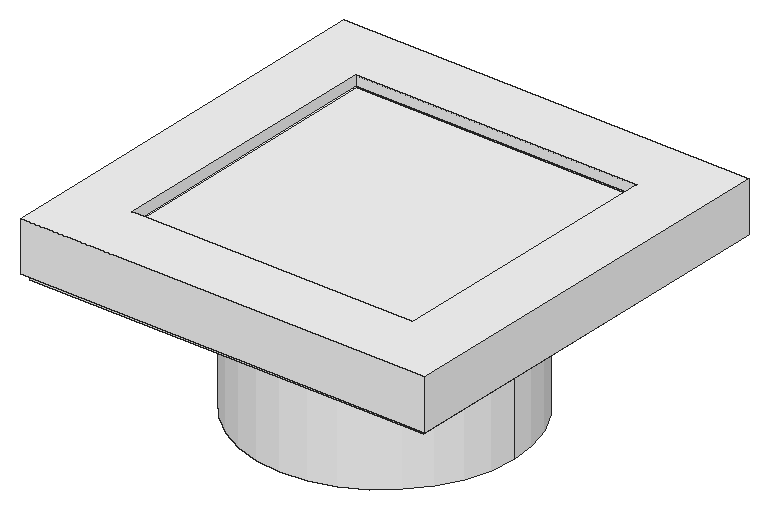
Revit family "Gira_012528", category Electrical Fixtures, host Face, Revit 2017
Family settings
  Host = Face
  Maintain Annotation Orientation = Yes
  Round Connector Dimension = Use Diameter
  Part Type = Normal
  Cut with Voids When Loaded = No
  Shared = No
  Room Calculation Point = No
Parameters (values of type "PB sw. series sw. System 55 anthra.")
  With mounting plate = "No"
  Wiring system = "Series switch"
  White [instance] = White
  Washing machine switch = "No"
  URL = "http://katalog.gira.de/en/datenblatt.html?artikelnr=012528"
  Type of fastening = "Mounting with claw and screw"
  Surface protection = "Other"
  Suitable for degree of protection (IP) = "IP20"
  Rated current = "10"
  Push button switch = "Yes"
  Number of rockers = "2"
  Number of modules (module system) = "1"
  Nominal voltage = "250"
  Name = "PB sw. series sw. System 55 anthra."
  Mounting method = "Flush mounted (plaster)"
  Model = ""
  Method of operation = "Rocker/button"
  Material quality = "Thermoplastic"
  Material = "Plastic"
  Manufacturer URL = "https://www.gira.de/"
  Manufacturer = "Gira"
  Label space/information surface = "No"
  Illumination = "No"
  HeinzeBIM = "https://bimportal.heinze.de/bim/pb-sw-series-sw-system-55-anthra-/961e1e165e96f5ad4a8da619069860feac95c5b9"
  Halogen free = "Yes"
  HAN = "012528"
  GTIN = "4010337125280"
  Feedback-signal contact = "No"
  Description = "PB sw.series Sys55 AN,Pushbutton switch, 10 AX 250 V~ with rocker, 2-gang,Series switch,anthracite,"
  Default Elevation = 1219.2 mm
  Data sheet (1) = "https://katalog.gira.de/en/download.html?artikelnr=012528"
  Connection type = "Plug clamp"
  Colour = "Anthracite"
  Category = "Switch"
  BIM (1) = "https://media.stage.bim.site/public/gira/36a6b08/Sys55_Komplettgerät_Schalten und Tasten.rfa?public/gira/36a6b08/Sys55_Komplettgerät_Schalten und Tasten.rfa"
  Available = "No"
  Assembly arrangement = "Basic element with central cover plate"
Reference planes
  plane 1 "Center (Front/Back)": y = 0
  plane 2: z = 0
  plane 3 "Center (Left/Right)": x = 0
Forms (mm)
  Extrusion 1, solid, material "White" <- "White", detail levels medium
    sketch origin (0, 0, 0) x (1, 0, 0) y (0, 1, 0)
      loop
        line (-40.4, 40.4) -> (-40.4, -40.4) -> (40.4, -40.4) -> (40.4, 40.4) -> (-40.4, 40.4)
      loop
        line (-28, 28) -> (-28, -28) -> (28, -28) -> (28, 28) -> (-28, 28)
    from 0 to 10
  Extrusion 2, solid, material "White" <- "White", detail levels fine
    sketch origin (0, 0, 0) x (1, 0, 0) y (0, 1, 0)
      loop
        line (-40.4, 40.4) -> (-40.4, -40.4) -> (40.4, -40.4) -> (40.4, 40.4) -> (-40.4, 40.4)
      loop
        line (-28, 28) -> (-28, -28) -> (28, -28) -> (28, 28) -> (-28, 28)
    from 0 to 10
  Extrusion 3, void
    sketch origin (0, 0, 0) x (1, 0, 0) y (0, 1, 0)
      loop
        line (-38.4, 38.4) -> (-38.4, -38.4) -> (38.4, -38.4) -> (38.4, 38.4) -> (-38.4, 38.4)
    from 0 to 8
  Extrusion 4, solid, material "White" <- "White", detail levels medium+fine
    sketch origin (0, 0, 0) x (1, 0, 0) y (0, 1, 0)
      loop
        line (-39.4, 39.4) -> (-39.4, -39.4) -> (39.4, -39.4) -> (39.4, 39.4) -> (-39.4, 39.4)
    from 0 to -1
  Extrusion 5, solid, material "White" <- "White", detail levels medium+fine
    sketch origin (0, 0, 0) x (1, 0, 0) y (0, 1, 0)
      loop
        line (-35.5, 35.5) -> (-35.5, -35.5) -> (35.5, -35.5) -> (35.5, 35.5) -> (-35.5, 35.5)
    from -2 to -3
  Extrusion 6, solid, material "White" <- "White", detail levels medium+fine
    sketch origin (0, 0, 0) x (1, 0, 0) y (0, 1, 0)
      loop
        circle (0, 0) r 26
    from 0 to -27.5
  Extrusion 7, solid, material "White" <- "White", detail levels coarse
    sketch origin (0, 0, 0) x (1, 0, 0) y (0, 1, 0)
      loop
        line (-40.4, 40.4) -> (-40.4, -40.4) -> (40.4, -40.4) -> (40.4, 40.4) -> (-40.4, 40.4)
    from -27.5 to 10
Cuts and joins
  Extrusion 3 cuts Extrusion 2
Dimensions and locks
  aligned and locked: plane 2 to host face
  aligned and locked: level to host face
  aligned and locked: plane 3 "Center (Left/Right)" to nested 2
  aligned and locked: plane 1 "Center (Front/Back)" to nested 2
Nested families
  nested 1: "Sys55_Abdeckung_Schalten und Tasten_floor_base" at (0, 0, 0), type "Sys55_Abdeckung_Schalten und Tasten_floor_base"
  nested 2: "Schalter" at (0, 0, 0), type "Schalter"
Connectors
  electrical at (0, 0, -27.5)
    settings: on Extrusion 6, index 1, voltage 220 V, apparent load 0 VA, apparent load phase1 0 VA, apparent load phase2 0 VA, apparent load phase3 0 VA, power factor 1, load classification "Other", number of poles 1, system type 30, power factor state 1, is connector primary yes, connector utility no, sub classification motor no, connector description ""
Definition of nested family "Sys55_Abdeckung_Schalten und Tasten_floor_base"
  Parameters
    Default Elevation = 1219.2 mm
    White [instance] = none
  Reference planes
    plane 1 "Center (Front/Back)": y = 0
    plane 2: z = 0
    plane 3 "Center (Left/Right)": x = 0
  Forms (mm)
    Extrusion 1, solid
      sketch origin (0, 0, 0) x (1, 0, 0) y (0, 1, 0)
        loop
          line (-1219.2, 1219.2) -> (-1219.2, -1219.2) -> (1219.2, -1219.2) -> (1219.2, 1219.2) -> (-1219.2, 1219.2)
      from 0 to -304.8
    Extrusion 2, solid, material <- "White", detail levels fine
      sketch origin (0, 0, 0) x (1, 0, 0) y (0, 1, 0)
        loop
          line (-27.5, 27.5) -> (-27.5, -27.5) -> (27.5, -27.5) -> (27.5, 27.5) -> (-27.5, 27.5)
      from 0 to 8
    Extrusion 3, void
      sketch origin (0, 0, 0) x (1, 0, 0) y (0, 1, 0)
        loop
          line (26, 26) -> (-26, 26) -> (-26, -26) -> (26, -26) -> (26, 26)
      from 0 to 6
    Extrusion 4, solid, material <- "White", detail levels medium
      sketch origin (0, 0, 0) x (1, 0, 0) y (0, 1, 0)
        loop
          line (-27.5, 27.5) -> (-27.5, -27.5) -> (27.5, -27.5) -> (27.5, 27.5) -> (-27.5, 27.5)
      from 0 to 8
    Extrusion 5, solid, material <- "White", detail levels medium
      sketch origin (0, 0, 0) x (1, 0, 0) y (0, 1, 0)
        loop
          line (11, -17.5) -> (11, 17.5) -> (-11, 17.5) -> (-11, -17.5) -> (11, -17.5)
      from -6 to 6
    Extrusion 6, solid, material <- "White", detail levels fine
      sketch origin (0, 0, 0) x (1, 0, 0) y (0, 1, 0)
        loop
          line (11, 17.5) -> (-11, 17.5) -> (-11, 16.5) -> (11, 16.5) -> (11, 17.5)
        loop
          line (-11, -16.5) -> (-11, -17.5) -> (11, -17.5) -> (11, -16.5) -> (-11, -16.5)
      from -4 to 6
    Extrusion 7, solid, material <- "White", detail levels fine
      sketch origin (0, 0, 0) x (1, 0, 0) y (0, 1, 0)
        loop
          arc (5, 9.347) -> (0, 10.6) -> (-5, 9.347) r 10.6
          line (-5, 9.347) -> (-5, -9.347)
          arc (-5, -9.347) -> (0, -10.6) -> (5, -9.347) r 10.6
          line (5, -9.347) -> (5, 9.347)
      from -6 to 6
    Extrusion 8, solid, material <- "White", detail levels coarse
      sketch origin (0, 0, 0) x (1, 0, 0) y (0, 1, 0)
        loop
          line (-27.5, 27.5) -> (-27.5, -27.5) -> (27.5, -27.5) -> (27.5, 27.5) -> (-27.5, 27.5)
      from -6 to 8
  Cuts and joins
    Extrusion 3 cuts Extrusion 2
  Dimensions and locks
    aligned and locked: plane 2 to Extrusion 1
    aligned and locked: level to Extrusion 1
Definition of nested family "Schalter"
  Reference planes
    plane 1: y = 0
    plane 2: x = 0
  Lines and regions (mm)
    detail lines
      curve 1: circle (1.375, 2.778, 0) r 0.8 normal (0, 0, 1)
      curve 2: line (1.021, 2.061, 0) -> (0, 0, 0)
      curve 3: line (0, 0, 0) -> (-0.538, 0.266, 0)
  Dimensions and locks
    curve 2 to curve 2 = 2.3 mm
    curve 3 to curve 2 = 0.6 mm
    radius of curve 1 = 0.8 mm
